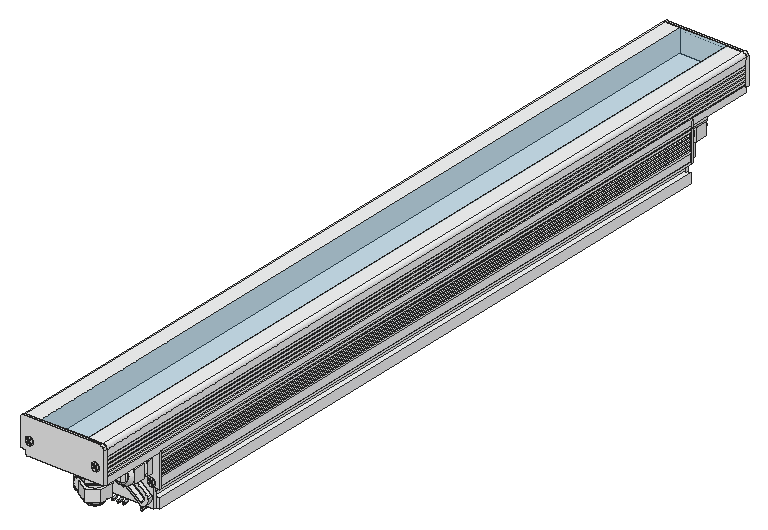
Revit family "ALS600T-AD-4RF", category Lighting Fixtures, Revit 2017 (continued)
Forms (in)
  Revolve 323, solid, material "Fixture Cap" <- "Fixture Cap", not visible
    sketch origin (1.87586, -11.95884, 0) x (0, 1, 0) y (0, 0, 1)
      loop
        arc (-11.98625, 1.39114) -> (-11.93234, 1.3772) -> (-11.87676, 1.37376) r 0.29147
        arc (-11.87676, 1.37376) -> (-11.89505, 1.36674) -> (-11.91028, 1.3544) r 0.06261
        line (-11.91028, 1.3544) -> (-11.91028, 1.32108)
        arc (-11.91028, 1.32108) -> (-11.89505, 1.30875) -> (-11.87676, 1.30173) r 0.06261
        arc (-11.87676, 1.30173) -> (-11.89505, 1.2947) -> (-11.91028, 1.28237) r 0.06261
        line (-11.91028, 1.28237) -> (-11.91028, 1.23982) -> (-11.65625, 1.23982) -> (-11.65625, 1.39114) -> (-11.98625, 1.39114)
      loop
        line (-11.65625, 0.73699) -> (-11.65625, 0.88982) -> (-11.98625, 0.88982) -> (-11.885, 0.78857) -> (-11.885, 0.75664)
        arc (-11.885, 0.75664) -> (-11.87925, 0.74275) -> (-11.86535, 0.73699) r 0.01965
        line (-11.86535, 0.73699) -> (-11.65625, 0.73699)
      axis (-11.65625, 1.57) -> (-11.65625, 0.73699)
    angle from 0 to 360
  Extrusion 324, solid, material "Fixture Cap" <- "Fixture Cap", not visible
    sketch origin (0, -12, 0) x (1, 0, 0) y (0, 0, 1)
      loop
        arc (0.17046, 1.66319) -> (0.05923, 1.65903) -> (0, 1.56477) r 0.11912
        line (0, 1.56477) -> (0, 1.4901)
        arc (0, 1.4901) -> (0.14626, 1.39146) -> (0.24596, 1.53699) r 0.1252
        line (0.24596, 1.53699) -> (1.06129, 1.53699) -> (1.06129, 1.57) -> (0.23171, 1.57)
        arc (0.23171, 1.57) -> (0.1884, 1.58794) -> (0.17046, 1.63125) r 0.06125
        line (0.17046, 1.63125) -> (0.17046, 1.66319)
    from 10.00382 to 10.33452
  Extrusion 325, solid, material "Fixture Cap" <- "Fixture Cap", not visible
    sketch origin (2.26118, -9.19555, -11.12253) x (0.992263, 0, 0.124157) y (0.124157, 0, -0.992263)
      loop
        line (0.35367, -11.80294) -> (0.30685, -11.42158) -> (-0.04682, -11.27146) -> (-0.35367, -11.50269) -> (-0.30685, -11.88404) -> (0.04682, -12.03416) -> (0.35367, -11.80294)
    from -13.48897 to -13.13897
  Extrusion 326, solid, material "Fixture Cap" <- "Fixture Cap", not visible
    sketch origin (2.26118, -23.07434, -11.12253) x (0.992263, 0, 0.124157) y (0.124157, 0, -0.992263)
      loop
        line (0.35367, -11.80294) -> (0.30685, -11.42158) -> (-0.04682, -11.27146) -> (-0.35367, -11.50269) -> (-0.30685, -11.88404) -> (0.04682, -12.03416) -> (0.35367, -11.80294)
    from 0.89114 to 1.03699
  Revolve 327, solid, material "Fixture Cap" <- "Fixture Cap", not visible
    sketch origin (0.81336, -23.57434, -11.21683) x (0, 0, -1) y (0, 1, 0)
      loop
        line (-11.65625, 1.57) -> (-11.96836, 1.57)
        arc (-11.96836, 1.57) -> (-11.9653, 1.55134) -> (-11.95297, 1.53699) r 0.03501
        line (-11.95297, 1.53699) -> (-11.65625, 1.53699) -> (-11.65625, 1.57)
      loop
        arc (-11.98625, 1.39114) -> (-11.93234, 1.3772) -> (-11.87676, 1.37376) r 0.29147
        arc (-11.87676, 1.37376) -> (-11.89505, 1.36674) -> (-11.91028, 1.3544) r 0.06261
        line (-11.91028, 1.3544) -> (-11.91028, 1.32108)
        arc (-11.91028, 1.32108) -> (-11.89505, 1.30875) -> (-11.87676, 1.30173) r 0.06261
        arc (-11.87676, 1.30173) -> (-11.89505, 1.2947) -> (-11.91028, 1.28237) r 0.06261
        line (-11.91028, 1.28237) -> (-11.91028, 1.23982) -> (-11.65625, 1.23982) -> (-11.65625, 1.39114) -> (-11.98625, 1.39114)
      loop
        line (-11.65625, 0.73699) -> (-11.65625, 0.88982) -> (-11.98625, 0.88982) -> (-11.885, 0.78857) -> (-11.885, 0.75664)
        arc (-11.885, 0.75664) -> (-11.87925, 0.74275) -> (-11.86535, 0.73699) r 0.01965
        line (-11.86535, 0.73699) -> (-11.65625, 0.73699)
      axis (-11.65625, 1.57) -> (-11.65625, 0.73699)
    angle from 0 to 360
  Extrusion 328, solid, material "Fixture Cap" <- "Fixture Cap", not visible
    sketch origin (1.92414, -9.24352, -10.43795) x (0.992263, 0, 0.124157) y (0.124157, 0, -0.992263)
      loop
        line (0.35367, -11.80294) -> (0.30685, -11.42158) -> (-0.04682, -11.27146) -> (-0.35367, -11.50269) -> (-0.30685, -11.88404) -> (0.04682, -12.03416) -> (0.35367, -11.80294)
    from -13.48897 to -13.13897
  Extrusion 329, solid, material "Fixture Cap" <- "Fixture Cap", not visible
    sketch origin (1.92414, -23.12231, -10.43795) x (0.992263, 0, 0.124157) y (0.124157, 0, -0.992263)
      loop
        line (0.35367, -11.80294) -> (0.30685, -11.42158) -> (-0.04682, -11.27146) -> (-0.35367, -11.50269) -> (-0.30685, -11.88404) -> (0.04682, -12.03416) -> (0.35367, -11.80294)
    from 0.89114 to 1.03699
  Revolve 330, solid, material "Fixture Cap" <- "Fixture Cap", not visible
    sketch origin (0.47632, -23.62231, -10.53224) x (0, 0, -1) y (0, 1, 0)
      loop
        line (-11.65625, 1.57) -> (-11.96836, 1.57)
        arc (-11.96836, 1.57) -> (-11.9653, 1.55134) -> (-11.95297, 1.53699) r 0.03501
        line (-11.95297, 1.53699) -> (-11.65625, 1.53699) -> (-11.65625, 1.57)
      loop
        arc (-11.98625, 1.39114) -> (-11.93234, 1.3772) -> (-11.87676, 1.37376) r 0.29147
        arc (-11.87676, 1.37376) -> (-11.89505, 1.36674) -> (-11.91028, 1.3544) r 0.06261
        line (-11.91028, 1.3544) -> (-11.91028, 1.32108)
        arc (-11.91028, 1.32108) -> (-11.89505, 1.30875) -> (-11.87676, 1.30173) r 0.06261
        arc (-11.87676, 1.30173) -> (-11.89505, 1.2947) -> (-11.91028, 1.28237) r 0.06261
        line (-11.91028, 1.28237) -> (-11.91028, 1.23982) -> (-11.65625, 1.23982) -> (-11.65625, 1.39114) -> (-11.98625, 1.39114)
      loop
        line (-11.65625, 0.73699) -> (-11.65625, 0.88982) -> (-11.98625, 0.88982) -> (-11.885, 0.78857) -> (-11.885, 0.75664)
        arc (-11.885, 0.75664) -> (-11.87925, 0.74275) -> (-11.86535, 0.73699) r 0.01965
        line (-11.86535, 0.73699) -> (-11.65625, 0.73699)
      axis (-11.65625, 1.57) -> (-11.65625, 0.73699)
    angle from 0 to 360
  Extrusion 331, solid, material "Fixture Cap" <- "Fixture Cap", not visible
    sketch origin (0, -12, 0) x (1, 0, 0) y (0, 0, 1)
      loop
        arc (1.14151, 1.50452) -> (1.07455, 1.53392) -> (1.00195, 1.52513) r 0.13857
        arc (1.00195, 1.52513) -> (0.90722, 1.45276) -> (0.86206, 1.34243) r 0.22764
        arc (0.86206, 1.34243) -> (0.87048, 1.27794) -> (0.90914, 1.22565) r 0.1297
        line (0.90914, 1.22565) -> (2.17525, 0.20038)
        arc (2.17525, 0.20038) -> (2.20644, 0.18238) -> (2.24166, 0.17494) r 0.11481
        line (2.24166, 0.17494) -> (2.27594, 0.13261) -> (2.27703, 0.17865)
        arc (2.27703, 0.17865) -> (2.40611, 0.26958) -> (2.44515, 0.42256) r 0.22797
        arc (2.44515, 0.42256) -> (2.4371, 0.44854) -> (2.41972, 0.46945) r 0.06962
        line (2.41972, 0.46945) -> (1.14151, 1.50452)
      loop
        arc (2.21627, 0.28297) -> (2.24785, 0.26992) -> (2.28144, 0.27623) r 0.06
        arc (2.28144, 0.27623) -> (2.32403, 0.3102) -> (2.35016, 0.35801) r 0.13797
        arc (2.35016, 0.35801) -> (2.35029, 0.39565) -> (2.32927, 0.42689) r 0.06414
        line (2.32927, 0.42689) -> (1.09286, 1.42811)
        arc (1.09286, 1.42811) -> (1.05744, 1.44233) -> (1.02015, 1.43415) r 0.0648
        arc (1.02015, 1.43415) -> (0.97773, 1.39679) -> (0.95389, 1.34553) r 0.13764
        arc (0.95389, 1.34553) -> (0.95547, 1.31485) -> (0.97308, 1.28968) r 0.05565
        line (0.97308, 1.28968) -> (2.21627, 0.28297)
    from 10.20058 to 10.33452
  Extrusion 332, solid, material "Fixture Cap" <- "Fixture Cap", not visible
    sketch origin (3.42414, -9.19503, -10.43795) x (0.992263, 0, 0.124157) y (0.124157, 0, -0.992263)
      loop
        line (0.35367, -11.80294) -> (0.30685, -11.42158) -> (-0.04682, -11.27146) -> (-0.35367, -11.50269) -> (-0.30685, -11.88404) -> (0.04682, -12.03416) -> (0.35367, -11.80294)
    from -13.48897 to -13.13897
  Extrusion 333, solid, material "Fixture Cap" <- "Fixture Cap", not visible
    sketch origin (3.42414, -23.07382, -10.43795) x (0.992263, 0, 0.124157) y (0.124157, 0, -0.992263)
      loop
        line (0.35367, -11.80294) -> (0.30685, -11.42158) -> (-0.04682, -11.27146) -> (-0.35367, -11.50269) -> (-0.30685, -11.88404) -> (0.04682, -12.03416) -> (0.35367, -11.80294)
    from 0.89114 to 1.03699
  Revolve 334, solid, material "Fixture Cap" <- "Fixture Cap", not visible
    sketch origin (1.97632, -23.57382, -10.53224) x (0, 0, -1) y (0, 1, 0)
      loop
        line (-11.65625, 1.57) -> (-11.96836, 1.57)
        arc (-11.96836, 1.57) -> (-11.9653, 1.55134) -> (-11.95297, 1.53699) r 0.03501
        line (-11.95297, 1.53699) -> (-11.65625, 1.53699) -> (-11.65625, 1.57)
      loop
        arc (-11.98625, 1.39114) -> (-11.93234, 1.3772) -> (-11.87676, 1.37376) r 0.29147
        arc (-11.87676, 1.37376) -> (-11.89505, 1.36674) -> (-11.91028, 1.3544) r 0.06261
        line (-11.91028, 1.3544) -> (-11.91028, 1.32108)
        arc (-11.91028, 1.32108) -> (-11.89505, 1.30875) -> (-11.87676, 1.30173) r 0.06261
        arc (-11.87676, 1.30173) -> (-11.89505, 1.2947) -> (-11.91028, 1.28237) r 0.06261
        line (-11.91028, 1.28237) -> (-11.91028, 1.23982) -> (-11.65625, 1.23982) -> (-11.65625, 1.39114) -> (-11.98625, 1.39114)
      loop
        line (-11.65625, 0.73699) -> (-11.65625, 0.88982) -> (-11.98625, 0.88982) -> (-11.885, 0.78857) -> (-11.885, 0.75664)
        arc (-11.885, 0.75664) -> (-11.87925, 0.74275) -> (-11.86535, 0.73699) r 0.01965
        line (-11.86535, 0.73699) -> (-11.65625, 0.73699)
      axis (-11.65625, 1.57) -> (-11.65625, 0.73699)
    angle from 0 to 360
  Revolve 335, solid, material "Fixture Cap" <- "Fixture Cap", not visible
    sketch origin (-0.02137, -11.9963, 1.06933) x (1, 0, 0) y (0, 1, 0)
      loop
        line (1.37586, -10.00382) -> (1.37586, -11.00382)
        arc (1.37586, -11.00382) -> (1.52201, -11.01021) -> (1.66198, -10.96768) r 0.43398
        arc (1.66198, -10.96768) -> (1.66734, -10.9471) -> (1.66198, -10.92653) r 0.04216
        arc (1.66198, -10.92653) -> (1.602, -10.77742) -> (1.58156, -10.61801) r 0.63207
        line (1.58156, -10.61801) -> (1.58156, -10.334) -> (1.47989, -10.334) -> (1.47989, -10.20428)
        arc (1.47989, -10.20428) -> (1.48546, -10.18683) -> (1.4786, -10.16984) r 0.02697
        arc (1.4786, -10.16984) -> (1.48546, -10.15285) -> (1.47989, -10.1354) r 0.02697
        arc (1.47989, -10.1354) -> (1.48548, -10.11895) -> (1.47989, -10.1025) r 0.02697
        arc (1.47989, -10.1025) -> (1.48548, -10.08606) -> (1.47989, -10.06961) r 0.02697
        arc (1.47989, -10.06961) -> (1.48548, -10.05316) -> (1.47989, -10.03672) r 0.02697
        arc (1.47989, -10.03672) -> (1.48548, -10.02027) -> (1.47989, -10.00382) r 0.02697
        line (1.47989, -10.00382) -> (1.37586, -10.00382)
      axis (1.37586, -10.00382) -> (1.37586, -11.00382)
    angle from 0 to 360
  Extrusion 336, solid, material "Fixture Cap" <- "Fixture Cap", not visible
    sketch origin (0, -12, 0) x (1, 0, 0) y (0, 0, 1)
      loop
        line (1.06129, 1.57) -> (1.06129, 1.53503) -> (1.29265, 1.53503) -> (1.29265, 1.57) -> (1.06129, 1.57)
      loop
        line (1.51092, 1.57) -> (1.51092, 1.53699) -> (1.72749, 1.53699) -> (1.72749, 1.57) -> (1.51092, 1.57)
    from 10.00382 to 10.38248
  Extrusion 337, solid, material "Fixture Cap" <- "Fixture Cap", not visible
    sketch origin (0, -11.5625, 0) x (1, 0, 0) y (0, 1, 0)
      loop
        circle (1.17753, -11.25427) r 0.11625
      loop
        line (1.12751, -11.17355) -> (1.10007, -11.1954) -> (1.14693, -11.25427) -> (1.10007, -11.31314) -> (1.12751, -11.33499) -> (1.17753, -11.27216) -> (1.22754, -11.33499) -> (1.25499, -11.31314) -> (1.20813, -11.25427) -> (1.25499, -11.1954) -> (1.22754, -11.17355) -> (1.17753, -11.23638) -> (1.12751, -11.17355)
    from 1.4643 to 1.57
  Extrusion 338, solid, material "Fixture Cap" <- "Fixture Cap", not visible
    sketch origin (1.44491, -25.53482, 13.24212) x (-1, 0, 0) y (0, 0, 1)
      loop
        circle (1.17753, -11.25427) r 0.11625
      loop
        line (1.12751, -11.17355) -> (1.10007, -11.1954) -> (1.14693, -11.25427) -> (1.10007, -11.31314) -> (1.12751, -11.33499) -> (1.17753, -11.27216) -> (1.22754, -11.33499) -> (1.25499, -11.31314) -> (1.20813, -11.25427) -> (1.25499, -11.1954) -> (1.22754, -11.17355) -> (1.17753, -11.23638) -> (1.12751, -11.17355)
    from 1.4542 to 1.5343
  Extrusion 339, solid, material "Fixture Cap" <- "Fixture Cap", not visible
    sketch origin (1.42321, -24.31607, 11.93355) x (-1, 0, 0) y (0, 0, 1)
      loop
        circle (1.17753, -11.25427) r 0.11625
      loop
        line (1.12751, -11.17355) -> (1.10007, -11.1954) -> (1.14693, -11.25427) -> (1.10007, -11.31314) -> (1.12751, -11.33499) -> (1.17753, -11.27216) -> (1.22754, -11.33499) -> (1.25499, -11.31314) -> (1.20813, -11.25427) -> (1.25499, -11.1954) -> (1.22754, -11.17355) -> (1.17753, -11.23638) -> (1.12751, -11.17355)
    from 2.36555 to 2.31225
  Extrusion 340, solid, material "Fixture Cap" <- "Fixture Cap", not visible
    sketch origin (1.06982, -24.31607, 13.24212) x (1, 0, 0) y (0, 0, -1)
      loop
        circle (1.17753, 11.25427) r 0.11625
      loop
        line (1.12751, 11.17355) -> (1.17753, 11.23638) -> (1.22754, 11.17355) -> (1.25499, 11.1954) -> (1.20813, 11.25427) -> (1.25499, 11.31314) -> (1.22754, 11.33499) -> (1.17753, 11.27216) -> (1.12751, 11.33499) -> (1.10007, 11.31314) -> (1.14693, 11.25427) -> (1.10007, 11.1954) -> (1.12751, 11.17355)
    from 0.23545 to 0.31607
  Extrusion 341, solid, material "Fixture Cap" <- "Fixture Cap", not visible
    sketch origin (1.09152, -24.31607, 11.93355) x (1, 0, 0) y (0, 0, -1)
      loop
        circle (1.17753, 11.25427) r 0.11625
      loop
        line (1.12751, 11.17355) -> (1.17753, 11.23638) -> (1.22754, 11.17355) -> (1.25499, 11.1954) -> (1.20813, 11.25427) -> (1.25499, 11.31314) -> (1.22754, 11.33499) -> (1.17753, 11.27216) -> (1.12751, 11.33499) -> (1.10007, 11.31314) -> (1.14693, 11.25427) -> (1.10007, 11.1954) -> (1.12751, 11.17355)
    from 2.31225 to 2.36555
  Extrusion 342, solid, material "Fixture Cap" <- "Fixture Cap", not visible
    sketch origin (0, -12, 0) x (1, 0, 0) y (0, 0, 1)
      loop
        circle (2.25157, 0.08671) r 0.03149
    from 10.20058 to 10.33452
  Extrusion 343, solid, material "Fixture Cap" <- "Fixture Cap", not visible
    sketch origin (-1.03279, -12, 0.48503) x (1, 0, 0) y (0, 0, 1)
      loop
        circle (2.25157, 0.08671) r 0.03149
    from 10.20058 to 10.33452
  Extrusion 344, solid, material "Fixture Cap" <- "Fixture Cap", not visible
    sketch origin (-1.00935, -12, 0.61594) x (1, 0, 0) y (0, 0, 1)
      loop
        circle (2.25157, 0.08671) r 0.03149
    from 10.20058 to 10.38248
  Extrusion 345, solid, material "Fixture Cap" <- "Fixture Cap", not visible
    sketch origin (-0.95447, -12, 0.67082) x (1, 0, 0) y (0, 0, 1)
      loop
        circle (2.25157, 0.08671) r 0.03149
    from 10.20058 to 10.38248
  Extrusion 346, solid, not visible
    sketch origin (-0.55239, -12.00052, -0.03639) x (1, 0, 0) y (0, 0, 1)
      loop
        circle (2.25157, 0.08671) r 0.03149
    from 10.20006 to 10.334
  Extrusion 347, solid, not visible
    sketch origin (-0.70786, -12.00052, -0.03639) x (1, 0, 0) y (0, 0, 1)
      loop
        circle (2.25157, 0.08671) r 0.03149
    from 10.20006 to 10.334
  Extrusion 348, solid, not visible
    sketch origin (-0.88076, -12.00052, -0.02934) x (1, 0, 0) y (0, 0, 1)
      loop
        circle (2.25157, 0.08671) r 0.03149
    from 10.20006 to 10.334
  Extrusion 349, solid, not visible
    sketch origin (-1.02884, -12.00052, -0.0059) x (1, 0, 0) y (0, 0, 1)
      loop
        circle (2.25157, 0.08671) r 0.03149
    from 10.20006 to 10.334
  Extrusion 350, solid, not visible
    sketch origin (-1.13669, -12.00052, 0.04439) x (1, 0, 0) y (0, 0, 1)
      loop
        circle (2.25157, 0.08671) r 0.03149
    from 10.20006 to 10.334
  Extrusion 351, solid, not visible
    sketch origin (-1.22026, -12.00052, 0.1057) x (1, 0, 0) y (0, 0, 1)
      loop
        circle (2.25157, 0.08671) r 0.03149
    from 10.20006 to 10.334
  Extrusion 352, solid, not visible
    sketch origin (-1.28305, -12.00052, 0.19193) x (1, 0, 0) y (0, 0, 1)
      loop
        circle (2.25157, 0.08671) r 0.03149
    from 10.20006 to 10.334
  Extrusion 353, solid, not visible
    sketch origin (-1.35443, -12.00052, 0.2662) x (1, 0, 0) y (0, 0, 1)
      loop
        circle (2.25157, 0.08671) r 0.03149
    from 10.20006 to 10.334
  Extrusion 354, solid, material "Glass"
    sketch origin (0, 0, 0) x (1, 0, 0) y (0, 0, 1)
      loop
        line (0.54206, 2.63) -> (0.54206, 2.55633) -> (1.98049, 2.55633) -> (1.98049, 2.63) -> (0.54206, 2.63)
    from -12 to 12
  Extrusion 355, solid, material "Fixture Cap" <- "Fixture Cap"
    sketch origin (2.52, 0, 0) x (-1, 0, 0) y (0, 0, -1)
      loop
        line (1.06129, -1.57) -> (1.29265, -1.57) -> (1.29265, -1.53503) -> (1.06129, -1.53503) -> (1.06129, -1.57)
      loop
        line (1.51092, -1.57) -> (1.72749, -1.57) -> (1.72749, -1.53699) -> (1.51092, -1.53699) -> (1.51092, -1.57)
    from 10.00382 to 12
  Extrusion 356, solid, material "Fixture Cap" <- "Fixture Cap", not visible
    sketch origin (2.52, -12, 0) x (-1, 0, 0) y (0, 0, -1)
      loop
        line (1.06129, -1.57) -> (1.29265, -1.57) -> (1.29265, -1.53503) -> (1.06129, -1.53503) -> (1.06129, -1.57)
      loop
        line (1.51092, -1.57) -> (1.72749, -1.57) -> (1.72749, -1.53699) -> (1.51092, -1.53699) -> (1.51092, -1.57)
    from 10.00382 to 12
Dimensions and locks (in)
  equal spacing: plane 5, plane 1 "Light Source Axis (F/B)", plane 6
  "Length": plane 5 to plane 6
  locked: plane 6 to plane 8 at 0.08063
  locked: plane 7 to plane 5 at 0.08062
  locked: plane 10 to plane 6 at 1.99618
  locked: plane 5 to plane 9 at 1.99618
  Extrusion 1 to Extrusion 3 = 2.63"
  Extrusion 1 to Extrusion 3 = 1.57"
  Extrusion 1 to Extrusion 1 = 2.52"
  aligned and locked: level to plane 2
  aligned and locked: plane 5 to Extrusion 2
  aligned and locked: Extrusion 2 to plane 6
  aligned and locked: Extrusion 3 to Extrusion 4
  aligned and locked: plane 10 to Extrusion 3
  aligned and locked: Extrusion 5 to Extrusion 6  (x2)
  aligned and locked: Extrusion 6 to plane 6
  aligned and locked: Extrusion 6 to Revolve 7
  aligned and locked: Extrusion 2 to Revolve 7  (x2)
  aligned and locked: Revolve 7 to Extrusion 6
  aligned and locked: Extrusion 5 to plane 6
  aligned and locked: Revolve 7 to Extrusion 5
  aligned and locked: Extrusion 5 to Revolve 7
  aligned and locked: plane 6 to Extrusion 6
  aligned and locked: Extrusion 11 to plane 10
  aligned and locked: Extrusion 12 to Extrusion 13  (x2)
  aligned and locked: Extrusion 13 to Revolve 14
  aligned and locked: Revolve 14 to Extrusion 13
  aligned and locked: Revolve 14 to Extrusion 12
  aligned and locked: Extrusion 12 to Revolve 14
  aligned and locked: Extrusion 15 to Extrusion 16  (x2)
  aligned and locked: Extrusion 16 to Revolve 17
  aligned and locked: Revolve 17 to Extrusion 16
  aligned and locked: Revolve 17 to Extrusion 15  (x2)
  aligned and locked: Extrusion 15 to Revolve 17
  aligned and locked: Extrusion 18 to Extrusion 12
  aligned and locked: Extrusion 19 to Extrusion 20  (x2)
  aligned and locked: Extrusion 20 to Revolve 21
  aligned and locked: Revolve 21 to Extrusion 20
  aligned and locked: Revolve 21 to Extrusion 19
  aligned and locked: Extrusion 19 to Revolve 21
  aligned and locked: Extrusion 18 to Revolve 14
  aligned and locked: Extrusion 23 to Extrusion 3
  aligned and locked: Extrusion 24 to Extrusion 4
  aligned and locked: Extrusion 1 to Extrusion 2
  aligned and locked: Extrusion 1 to Extrusion 25
  aligned and locked: Extrusion 1 to Extrusion 27
  aligned and locked: Extrusion 27 to Extrusion 2
  aligned and locked: Extrusion 26 to Extrusion 3
  aligned and locked: Extrusion 26 to Extrusion 4
  aligned and locked: Extrusion 3 to Extrusion 28  (x2)
  aligned and locked: Extrusion 29 to Extrusion 12
  aligned and locked: Revolve 14 to Extrusion 29
  aligned and locked: Extrusion 132 to Extrusion 133  (x2)
  aligned and locked: Revolve 134 to Extrusion 133
  aligned and locked: Extrusion 133 to Revolve 134
  aligned and locked: Extrusion 132 to Revolve 134
  aligned and locked: Revolve 134 to Extrusion 132
  aligned and locked: Extrusion 135 to Extrusion 136  (x2)
  aligned and locked: Revolve 137 to Extrusion 136
  aligned and locked: Extrusion 136 to Revolve 137
  aligned and locked: Extrusion 135 to Revolve 137
  aligned and locked: Revolve 137 to Extrusion 135
  aligned and locked: Extrusion 132 to Extrusion 138
  aligned and locked: Extrusion 139 to Extrusion 140  (x2)
  aligned and locked: Revolve 141 to Extrusion 140
  aligned and locked: Extrusion 140 to Revolve 141
  aligned and locked: Extrusion 139 to Revolve 141
  aligned and locked: Revolve 141 to Extrusion 139
  aligned and locked: Revolve 134 to Extrusion 138
  aligned and locked: Extrusion 130 to Extrusion 143
  aligned and locked: Extrusion 145 to Extrusion 129
  aligned and locked: Extrusion 147 to Extrusion 129
  aligned and locked: Extrusion 130 to Extrusion 146
  aligned and locked: Extrusion 148 to Extrusion 130  (x2)
  aligned and locked: Extrusion 132 to Extrusion 149
  aligned and locked: Revolve 134 to Extrusion 149
  aligned and locked: Extrusion 4 to Extrusion 130
  aligned and locked: plane 9 to Extrusion 130
  aligned and locked: Extrusion 129 to plane 5
  aligned and locked: plane 7 to Extrusion 129
  aligned and locked: plane 6 to Extrusion 1
  aligned and locked: Extrusion 1 to plane 8
  aligned and locked: Extrusion 11 to Extrusion 3
  aligned and locked: Extrusion 18 to Extrusion 32
  aligned and locked: Extrusion 32 to Extrusion 31
  aligned and locked: Extrusion 32 to Extrusion 30
  aligned and locked: Extrusion 314 to Extrusion 313
  aligned and locked: Extrusion 316 to Extrusion 314
  aligned and locked: Extrusion 31 to Extrusion 18
  aligned and locked: Extrusion 18 to Extrusion 313
  aligned and locked: Extrusion 18 to Extrusion 312
  aligned and locked: Extrusion 18 to Revolve 22
  aligned and locked: Extrusion 18 to Extrusion 316
  aligned and locked: Extrusion 18 to Extrusion 317
  aligned and locked: Extrusion 18 to Extrusion 318
  aligned and locked: Revolve 14 to Extrusion 18
  aligned and locked: Extrusion 317 to Extrusion 18
  aligned and locked: Extrusion 18 to Extrusion 315
  aligned and locked: Revolve 22 to Extrusion 18
  aligned and locked: Extrusion 312 to Extrusion 18
  aligned and locked: Extrusion 4 to Extrusion 3
  aligned and locked: Extrusion 15 to Extrusion 23
  aligned and locked: Extrusion 31 to Extrusion 15
  aligned and locked: Extrusion 32 to Extrusion 15
  aligned and locked: Extrusion 30 to Extrusion 12
  aligned and locked: Extrusion 328 to Extrusion 336
  aligned and locked: Extrusion 344 to Extrusion 328
  aligned and locked: Extrusion 345 to Extrusion 328
  aligned and locked: Extrusion 343 to Extrusion 325
  aligned and locked: Extrusion 11 to Extrusion 18
  aligned and locked: Extrusion 324 to Extrusion 331
  aligned and locked: plane 5 to Extrusion 129
  aligned and locked: Extrusion 354 to plane 6
  aligned and locked: Extrusion 24 to Extrusion 2
  aligned and locked: plane 5 to Extrusion 354
Automatic sketch dimensions
  Extrusion 33 sketch curve to Extrusion 33 sketch curve = 0.06125"
  Extrusion 33 sketch curve to Extrusion 33 sketch curve = 2.30043"
  Extrusion 33 sketch curve to Extrusion 33 sketch curve = 0.11242"
  Extrusion 33 sketch curve to Extrusion 33 sketch curve = 0.79419"
  Extrusion 33 sketch curve to Extrusion 33 sketch curve = 0.09742"
  Extrusion 34 sketch curve to Extrusion 34 sketch curve = 0.06125"
  Extrusion 34 sketch curve to Extrusion 34 sketch curve = 2.20"
  Extrusion 34 sketch curve to Extrusion 34 sketch curve = 0.16"  (x2)
  Extrusion 34 sketch curve to Extrusion 34 sketch curve = 1.00309"  (x2)
  Extrusion 34 sketch curve to Extrusion 34 sketch curve = 0.09742"
  Extrusion 38 sketch curve to Extrusion 38 sketch curve = 0.00402"
  Extrusion 38 sketch curve to Extrusion 38 sketch curve = 0.05168"
  Extrusion 38 sketch curve to Extrusion 38 sketch curve = 0.06125"
  Extrusion 38 sketch curve to Extrusion 38 sketch curve = 0.01424"
  Extrusion 38 sketch curve to Extrusion 38 sketch curve = 0.81533"
  Extrusion 38 sketch curve to Extrusion 38 sketch curve = 0.02434"
  Extrusion 38 sketch curve to Extrusion 38 sketch curve = 0.04143"
  Extrusion 38 sketch curve to Extrusion 38 sketch curve = 0.07468"
  Extrusion 38 sketch curve to Extrusion 38 sketch curve = 0.03301"
  Extrusion 45 sketch curve to Extrusion 45 sketch curve = 0.00"  (x11)
  Extrusion 45 sketch curve to Extrusion 45 sketch curve = 0.06393"
  Extrusion 45 sketch curve to Extrusion 45 sketch curve = 0.01769"
  Extrusion 45 sketch curve to Extrusion 45 sketch curve = 0.01733"
  Extrusion 45 sketch curve to Extrusion 45 sketch curve = 0.04398"
  Extrusion 45 sketch curve to Extrusion 45 sketch curve = 0.00223"
  Extrusion 45 sketch curve to Extrusion 45 sketch curve = 0.03588"
  Extrusion 45 sketch curve to Extrusion 45 sketch curve = 0.03855"
  Extrusion 45 sketch curve to Extrusion 45 sketch curve = 0.04865"
  Extrusion 45 sketch curve to Extrusion 45 sketch curve = 1.08729"
  Extrusion 45 sketch curve to Extrusion 45 sketch curve = 0.04102"
  Extrusion 45 sketch curve to Extrusion 45 sketch curve = 0.00213"
  Extrusion 45 sketch curve to Extrusion 45 sketch curve = 0.06641"
  Extrusion 45 sketch curve to Extrusion 45 sketch curve = 0.03124"
  Extrusion 45 sketch curve to Extrusion 45 sketch curve = 0.00652"
  Extrusion 45 sketch curve to Extrusion 45 sketch curve = 0.03427"
  Extrusion 45 sketch curve to Extrusion 45 sketch curve = 0.03537"
  Extrusion 45 sketch curve to Extrusion 45 sketch curve = 0.03488"
  Extrusion 45 sketch curve to Extrusion 45 sketch curve = 0.04036"
  Extrusion 45 sketch curve to Extrusion 45 sketch curve = 0.04663"
  Extrusion 45 sketch curve to Extrusion 45 sketch curve = 0.04381"
  Extrusion 45 sketch curve to Extrusion 45 sketch curve = 0.03999"
  Extrusion 45 sketch curve to Extrusion 45 sketch curve = 0.04745"
  Extrusion 45 sketch curve to Extrusion 45 sketch curve = 0.02191"
  Extrusion 45 sketch curve to Extrusion 45 sketch curve = 0.01153"
  Extrusion 45 sketch curve to Extrusion 45 sketch curve = 0.06404"
  Extrusion 45 sketch curve to Extrusion 45 sketch curve = 0.02468"
  Extrusion 45 sketch curve to Extrusion 45 sketch curve = 0.03676"
  Extrusion 45 sketch curve to Extrusion 45 sketch curve = 0.00649"
  Extrusion 45 sketch curve to Extrusion 45 sketch curve = 0.04482"
  Extrusion 45 sketch curve to Extrusion 45 sketch curve = 0.01908"
  Extrusion 45 sketch curve to Extrusion 45 sketch curve = 0.03128"
  Extrusion 45 sketch curve to Extrusion 45 sketch curve = 0.07641"
  Revolve 49 sketch curve to Revolve 49 sketch curve = 0.08265"
  Revolve 49 sketch curve to Revolve 49 sketch curve = 0.00"  (x8)
  Revolve 49 sketch curve to Revolve 49 sketch curve = 0.00912"
  Revolve 49 sketch curve to Revolve 49 sketch curve = 0.02138"  (x5)
  Revolve 49 sketch curve to Revolve 49 sketch curve = 0.10168"
  Revolve 49 sketch curve to Revolve 49 sketch curve = 0.24933"
  Revolve 49 sketch curve to Revolve 49 sketch curve = 0.63207"
  Revolve 49 sketch curve to Revolve 49 sketch curve = 0.03289"  (x4)
  Revolve 49 sketch curve to Revolve 49 sketch curve = 0.03599"
  Revolve 49 sketch curve to Revolve 49 sketch curve = 0.01645"  (x2)
  Revolve 49 sketch curve to Revolve 49 sketch curve = 0.12972"
  Revolve 49 sketch curve to Revolve 49 sketch curve = 0.24566"
  Revolve 49 sketch curve to Revolve 49 sketch curve = 0.3291"
  Revolve 49 sketch curve to Revolve 49 sketch curve = 0.05672"
  Revolve 49 sketch curve to Revolve 49 sketch curve = 0.0201"
  Revolve 49 sketch curve to Revolve 49 sketch curve = 0.38174"
  Extrusion 50 sketch curve to Extrusion 50 sketch curve = 0.23137"
  Extrusion 50 sketch curve to Extrusion 50 sketch curve = 0.21826"
  Extrusion 50 sketch curve to Extrusion 50 sketch curve = 0.21658"
  Extrusion 50 sketch curve to Extrusion 50 sketch curve = 0.00196"
  Extrusion 50 sketch curve to Extrusion 50 sketch curve = 0.03301"
  Extrusion 50 sketch curve to Extrusion 50 sketch curve = 0.03497"
  Extrusion 51 sketch curve to Extrusion 51 sketch curve = 0.00"  (x4)
  Extrusion 51 sketch curve to Extrusion 51 sketch curve = 0.02745"  (x4)
  Extrusion 51 sketch curve to Extrusion 51 sketch curve = 0.04686"
  Extrusion 51 sketch curve to Extrusion 51 sketch curve = 0.0306"  (x2)
  Extrusion 51 sketch curve to Extrusion 51 sketch curve = 0.05001"  (x2)
  Extrusion 51 sketch curve to Extrusion 51 sketch curve = 0.02185"
  Extrusion 51 sketch curve to Extrusion 51 sketch curve = 0.01789"  (x2)
  Extrusion 52 sketch curve to Extrusion 52 sketch curve = 0.00"  (x4)
  Extrusion 52 sketch curve to Extrusion 52 sketch curve = 0.02745"  (x4)
  Extrusion 52 sketch curve to Extrusion 52 sketch curve = 0.04686"
  Extrusion 52 sketch curve to Extrusion 52 sketch curve = 0.0306"  (x2)
  Extrusion 52 sketch curve to Extrusion 52 sketch curve = 0.05001"  (x2)
  Extrusion 52 sketch curve to Extrusion 52 sketch curve = 0.02185"
  Extrusion 52 sketch curve to Extrusion 52 sketch curve = 0.01789"  (x2)
  Extrusion 53 sketch curve to Extrusion 53 sketch curve = 0.00"  (x4)
  Extrusion 53 sketch curve to Extrusion 53 sketch curve = 0.02745"  (x4)
  Extrusion 53 sketch curve to Extrusion 53 sketch curve = 0.04686"
  Extrusion 53 sketch curve to Extrusion 53 sketch curve = 0.0306"  (x2)
  Extrusion 53 sketch curve to Extrusion 53 sketch curve = 0.05001"  (x2)
  Extrusion 53 sketch curve to Extrusion 53 sketch curve = 0.02185"
  Extrusion 53 sketch curve to Extrusion 53 sketch curve = 0.01789"  (x2)
  Extrusion 54 sketch curve to Extrusion 54 sketch curve = 0.00"  (x4)
  Extrusion 54 sketch curve to Extrusion 54 sketch curve = 0.02745"  (x4)
  Extrusion 54 sketch curve to Extrusion 54 sketch curve = 0.04686"
  Extrusion 54 sketch curve to Extrusion 54 sketch curve = 0.0306"  (x2)
  Extrusion 54 sketch curve to Extrusion 54 sketch curve = 0.05001"  (x2)
  Extrusion 54 sketch curve to Extrusion 54 sketch curve = 0.04098"
  Extrusion 54 sketch curve to Extrusion 54 sketch curve = 0.01789"  (x2)
  Extrusion 55 sketch curve to Extrusion 55 sketch curve = 0.00"  (x4)
  Extrusion 55 sketch curve to Extrusion 55 sketch curve = 0.02745"  (x4)
  Extrusion 55 sketch curve to Extrusion 55 sketch curve = 0.0306"  (x2)
  Extrusion 55 sketch curve to Extrusion 55 sketch curve = 0.05001"  (x2)
  Extrusion 55 sketch curve to Extrusion 55 sketch curve = 0.01789"  (x2)
  Extrusion 33 sketch curve to Extrusion 33 sketch curve = 0.10715"
  Extrusion 33 sketch curve to Extrusion 33 sketch curve = 0.17046"
  Extrusion 34 sketch curve to Extrusion 34 sketch curve = 0.17046"
  Extrusion 34 sketch curve to Extrusion 34 sketch curve = 0.56691"
  Extrusion 38 sketch curve to Extrusion 38 sketch curve = 0.11879"
  Extrusion 45 sketch curve to Extrusion 45 sketch curve = 0.04233"
  Extrusion 45 sketch curve to Extrusion 45 sketch curve = 0.00371"
  Extrusion 45 sketch curve to Extrusion 45 sketch curve = 0.02544"
  Extrusion 45 sketch curve to Extrusion 45 sketch curve = 0.00663"
  Extrusion 45 sketch curve to Extrusion 45 sketch curve = 0.05734"
  Extrusion 45 sketch curve to Extrusion 45 sketch curve = 0.04689"
  Extrusion 45 sketch curve to Extrusion 45 sketch curve = 0.82669"
  Revolve 49 sketch curve to Revolve 49 sketch curve = 0.03835"
  Extrusion 55 sketch curve to Extrusion 55 sketch curve = 0.04686"
  Extrusion 55 sketch curve to Extrusion 55 sketch curve = 0.02185"
  Extrusion 69 sketch curve to Extrusion 69 sketch curve = 0.06125"
  Extrusion 69 sketch curve to Extrusion 69 sketch curve = 2.30043"
  Extrusion 69 sketch curve to Extrusion 69 sketch curve = 0.11242"
  Extrusion 69 sketch curve to Extrusion 69 sketch curve = 0.79419"
  Extrusion 69 sketch curve to Extrusion 69 sketch curve = 0.09742"
  Extrusion 70 sketch curve to Extrusion 70 sketch curve = 0.06125"
  Extrusion 70 sketch curve to Extrusion 70 sketch curve = 2.20"
  Extrusion 70 sketch curve to Extrusion 70 sketch curve = 0.16"  (x2)
  Extrusion 70 sketch curve to Extrusion 70 sketch curve = 1.00309"  (x2)
  Extrusion 70 sketch curve to Extrusion 70 sketch curve = 0.09742"
  Extrusion 74 sketch curve to Extrusion 74 sketch curve = 0.00402"
  Extrusion 74 sketch curve to Extrusion 74 sketch curve = 0.05168"
  Extrusion 74 sketch curve to Extrusion 74 sketch curve = 0.06125"
  Extrusion 74 sketch curve to Extrusion 74 sketch curve = 0.01424"
  Extrusion 74 sketch curve to Extrusion 74 sketch curve = 0.81533"
  Extrusion 74 sketch curve to Extrusion 74 sketch curve = 0.02434"
  Extrusion 74 sketch curve to Extrusion 74 sketch curve = 0.04143"
  Extrusion 74 sketch curve to Extrusion 74 sketch curve = 0.07468"
  Extrusion 74 sketch curve to Extrusion 74 sketch curve = 0.03301"
  Extrusion 81 sketch curve to Extrusion 81 sketch curve = 0.00"  (x11)
  Extrusion 81 sketch curve to Extrusion 81 sketch curve = 0.06393"
  Extrusion 81 sketch curve to Extrusion 81 sketch curve = 0.01769"
  Extrusion 81 sketch curve to Extrusion 81 sketch curve = 0.01733"
  Extrusion 81 sketch curve to Extrusion 81 sketch curve = 0.04398"
  Extrusion 81 sketch curve to Extrusion 81 sketch curve = 0.00223"
  Extrusion 81 sketch curve to Extrusion 81 sketch curve = 0.03588"
  Extrusion 81 sketch curve to Extrusion 81 sketch curve = 0.03855"
  Extrusion 81 sketch curve to Extrusion 81 sketch curve = 0.04865"
  Extrusion 81 sketch curve to Extrusion 81 sketch curve = 1.08729"
  Extrusion 81 sketch curve to Extrusion 81 sketch curve = 0.04102"
  Extrusion 81 sketch curve to Extrusion 81 sketch curve = 0.00213"
  Extrusion 81 sketch curve to Extrusion 81 sketch curve = 0.06641"
  Extrusion 81 sketch curve to Extrusion 81 sketch curve = 0.03124"
  Extrusion 81 sketch curve to Extrusion 81 sketch curve = 0.00652"
  Extrusion 81 sketch curve to Extrusion 81 sketch curve = 0.03427"
  Extrusion 81 sketch curve to Extrusion 81 sketch curve = 0.03537"
  Extrusion 81 sketch curve to Extrusion 81 sketch curve = 0.03488"
  Extrusion 81 sketch curve to Extrusion 81 sketch curve = 0.04036"
  Extrusion 81 sketch curve to Extrusion 81 sketch curve = 0.04663"
  Extrusion 81 sketch curve to Extrusion 81 sketch curve = 0.04381"
  Extrusion 81 sketch curve to Extrusion 81 sketch curve = 0.03999"
  Extrusion 81 sketch curve to Extrusion 81 sketch curve = 0.04745"
  Extrusion 81 sketch curve to Extrusion 81 sketch curve = 0.02191"
  Extrusion 81 sketch curve to Extrusion 81 sketch curve = 0.01153"
  Extrusion 81 sketch curve to Extrusion 81 sketch curve = 0.06404"
  Extrusion 81 sketch curve to Extrusion 81 sketch curve = 0.02468"
  Extrusion 81 sketch curve to Extrusion 81 sketch curve = 0.03676"
  Extrusion 81 sketch curve to Extrusion 81 sketch curve = 0.00649"
  Extrusion 81 sketch curve to Extrusion 81 sketch curve = 0.04482"
  Extrusion 81 sketch curve to Extrusion 81 sketch curve = 0.01908"
  Extrusion 81 sketch curve to Extrusion 81 sketch curve = 0.03128"
  Extrusion 81 sketch curve to Extrusion 81 sketch curve = 0.07641"
  Revolve 85 sketch curve to Revolve 85 sketch curve = 0.08265"
  Revolve 85 sketch curve to Revolve 85 sketch curve = 0.00"  (x8)
  Revolve 85 sketch curve to Revolve 85 sketch curve = 0.00912"
  Revolve 85 sketch curve to Revolve 85 sketch curve = 0.02138"  (x5)
  Revolve 85 sketch curve to Revolve 85 sketch curve = 0.10168"
  Revolve 85 sketch curve to Revolve 85 sketch curve = 0.24933"
  Revolve 85 sketch curve to Revolve 85 sketch curve = 0.63207"
  Revolve 85 sketch curve to Revolve 85 sketch curve = 0.03289"  (x4)
  Revolve 85 sketch curve to Revolve 85 sketch curve = 0.03599"
  Revolve 85 sketch curve to Revolve 85 sketch curve = 0.01645"  (x2)
  Revolve 85 sketch curve to Revolve 85 sketch curve = 0.12972"
  Revolve 85 sketch curve to Revolve 85 sketch curve = 0.24566"
  Revolve 85 sketch curve to Revolve 85 sketch curve = 0.3291"
  Revolve 85 sketch curve to Revolve 85 sketch curve = 0.05672"
  Revolve 85 sketch curve to Revolve 85 sketch curve = 0.0201"
  Revolve 85 sketch curve to Revolve 85 sketch curve = 0.38174"
  Extrusion 86 sketch curve to Extrusion 86 sketch curve = 0.23137"
  Extrusion 86 sketch curve to Extrusion 86 sketch curve = 0.21826"
  Extrusion 86 sketch curve to Extrusion 86 sketch curve = 0.21658"
  Extrusion 86 sketch curve to Extrusion 86 sketch curve = 0.00196"
  Extrusion 86 sketch curve to Extrusion 86 sketch curve = 0.03301"
  Extrusion 86 sketch curve to Extrusion 86 sketch curve = 0.03497"
  Extrusion 87 sketch curve to Extrusion 87 sketch curve = 0.00"  (x4)
  Extrusion 87 sketch curve to Extrusion 87 sketch curve = 0.02745"  (x4)
  Extrusion 87 sketch curve to Extrusion 87 sketch curve = 0.04686"
  Extrusion 87 sketch curve to Extrusion 87 sketch curve = 0.0306"  (x2)
  Extrusion 87 sketch curve to Extrusion 87 sketch curve = 0.05001"  (x2)
  Extrusion 87 sketch curve to Extrusion 87 sketch curve = 0.02185"
  Extrusion 87 sketch curve to Extrusion 87 sketch curve = 0.01789"  (x2)
  Extrusion 88 sketch curve to Extrusion 88 sketch curve = 0.00"  (x4)
  Extrusion 88 sketch curve to Extrusion 88 sketch curve = 0.02745"  (x4)
  Extrusion 88 sketch curve to Extrusion 88 sketch curve = 0.04686"
  Extrusion 88 sketch curve to Extrusion 88 sketch curve = 0.0306"  (x2)
  Extrusion 88 sketch curve to Extrusion 88 sketch curve = 0.05001"  (x2)
  Extrusion 88 sketch curve to Extrusion 88 sketch curve = 0.02185"
  Extrusion 88 sketch curve to Extrusion 88 sketch curve = 0.01789"  (x2)
  Extrusion 89 sketch curve to Extrusion 89 sketch curve = 0.00"  (x4)
  Extrusion 89 sketch curve to Extrusion 89 sketch curve = 0.02745"  (x4)
  Extrusion 89 sketch curve to Extrusion 89 sketch curve = 0.04686"
  Extrusion 89 sketch curve to Extrusion 89 sketch curve = 0.0306"  (x2)
  Extrusion 89 sketch curve to Extrusion 89 sketch curve = 0.05001"  (x2)
  Extrusion 89 sketch curve to Extrusion 89 sketch curve = 0.02185"
  Extrusion 89 sketch curve to Extrusion 89 sketch curve = 0.01789"  (x2)
  Extrusion 90 sketch curve to Extrusion 90 sketch curve = 0.00"  (x4)
  Extrusion 90 sketch curve to Extrusion 90 sketch curve = 0.02745"  (x4)
  Extrusion 90 sketch curve to Extrusion 90 sketch curve = 0.04686"
  Extrusion 90 sketch curve to Extrusion 90 sketch curve = 0.0306"  (x2)
  Extrusion 90 sketch curve to Extrusion 90 sketch curve = 0.05001"  (x2)
  Extrusion 90 sketch curve to Extrusion 90 sketch curve = 0.04098"
  Extrusion 90 sketch curve to Extrusion 90 sketch curve = 0.01789"  (x2)
  Extrusion 91 sketch curve to Extrusion 91 sketch curve = 0.00"  (x4)
  Extrusion 91 sketch curve to Extrusion 91 sketch curve = 0.02745"  (x4)
  Extrusion 91 sketch curve to Extrusion 91 sketch curve = 0.0306"  (x2)
  Extrusion 91 sketch curve to Extrusion 91 sketch curve = 0.05001"  (x2)
  Extrusion 91 sketch curve to Extrusion 91 sketch curve = 0.01789"  (x2)
  Extrusion 69 sketch curve to Extrusion 69 sketch curve = 0.10715"
  Extrusion 69 sketch curve to Extrusion 69 sketch curve = 0.17046"
  Extrusion 70 sketch curve to Extrusion 70 sketch curve = 0.17046"
  Extrusion 70 sketch curve to Extrusion 70 sketch curve = 0.56691"
  Extrusion 74 sketch curve to Extrusion 74 sketch curve = 0.11879"
  Extrusion 81 sketch curve to Extrusion 81 sketch curve = 0.04233"
  Extrusion 81 sketch curve to Extrusion 81 sketch curve = 0.00371"
  Extrusion 81 sketch curve to Extrusion 81 sketch curve = 0.02544"
  Extrusion 81 sketch curve to Extrusion 81 sketch curve = 0.00663"
  Extrusion 81 sketch curve to Extrusion 81 sketch curve = 0.05734"
  Extrusion 81 sketch curve to Extrusion 81 sketch curve = 0.04689"
  Extrusion 81 sketch curve to Extrusion 81 sketch curve = 0.82669"
  Revolve 85 sketch curve to Revolve 85 sketch curve = 0.03835"
  Extrusion 91 sketch curve to Extrusion 91 sketch curve = 0.04686"
  Extrusion 91 sketch curve to Extrusion 91 sketch curve = 0.02185"
  plane 11 to Revolve 85 sketch curve = 2.0768"
  plane 11 to Extrusion 87 sketch curve = 1.20498"
  Extrusion 105 sketch curve to Extrusion 105 sketch curve = 0.06125"
  Extrusion 105 sketch curve to Extrusion 105 sketch curve = 2.30043"
  Extrusion 105 sketch curve to Extrusion 105 sketch curve = 0.11242"
  Extrusion 105 sketch curve to Extrusion 105 sketch curve = 0.79419"
  Extrusion 105 sketch curve to Extrusion 105 sketch curve = 0.09742"
  Extrusion 106 sketch curve to Extrusion 106 sketch curve = 0.06125"
  Extrusion 106 sketch curve to Extrusion 106 sketch curve = 2.20"
  Extrusion 106 sketch curve to Extrusion 106 sketch curve = 0.16"  (x2)
  Extrusion 106 sketch curve to Extrusion 106 sketch curve = 1.00309"  (x2)
  Extrusion 106 sketch curve to Extrusion 106 sketch curve = 0.09742"
  Extrusion 107 sketch curve to Extrusion 107 sketch curve = 0.00402"
  Extrusion 107 sketch curve to Extrusion 107 sketch curve = 0.05168"
  Extrusion 107 sketch curve to Extrusion 107 sketch curve = 0.06125"
  Extrusion 107 sketch curve to Extrusion 107 sketch curve = 0.01424"
  Extrusion 107 sketch curve to Extrusion 107 sketch curve = 0.81533"
  Extrusion 107 sketch curve to Extrusion 107 sketch curve = 0.02434"
  Extrusion 107 sketch curve to Extrusion 107 sketch curve = 0.04143"
  Extrusion 107 sketch curve to Extrusion 107 sketch curve = 0.07468"
  Extrusion 107 sketch curve to Extrusion 107 sketch curve = 0.03301"
  Extrusion 108 sketch curve to Extrusion 108 sketch curve = 0.00"  (x11)
  Extrusion 108 sketch curve to Extrusion 108 sketch curve = 0.06393"
  Extrusion 108 sketch curve to Extrusion 108 sketch curve = 0.01769"
  Extrusion 108 sketch curve to Extrusion 108 sketch curve = 0.01733"
  Extrusion 108 sketch curve to Extrusion 108 sketch curve = 0.04398"
  Extrusion 108 sketch curve to Extrusion 108 sketch curve = 0.00223"
  Extrusion 108 sketch curve to Extrusion 108 sketch curve = 0.03588"
  Extrusion 108 sketch curve to Extrusion 108 sketch curve = 0.03855"
  Extrusion 108 sketch curve to Extrusion 108 sketch curve = 0.04865"
  Extrusion 108 sketch curve to Extrusion 108 sketch curve = 1.08729"
  Extrusion 108 sketch curve to Extrusion 108 sketch curve = 0.04102"
  Extrusion 108 sketch curve to Extrusion 108 sketch curve = 0.00213"
  Extrusion 108 sketch curve to Extrusion 108 sketch curve = 0.06641"
  Extrusion 108 sketch curve to Extrusion 108 sketch curve = 0.03124"
  Extrusion 108 sketch curve to Extrusion 108 sketch curve = 0.00652"
  Extrusion 108 sketch curve to Extrusion 108 sketch curve = 0.03427"
  Extrusion 108 sketch curve to Extrusion 108 sketch curve = 0.03537"
  Extrusion 108 sketch curve to Extrusion 108 sketch curve = 0.03488"
  Extrusion 108 sketch curve to Extrusion 108 sketch curve = 0.04036"
  Extrusion 108 sketch curve to Extrusion 108 sketch curve = 0.04663"
  Extrusion 108 sketch curve to Extrusion 108 sketch curve = 0.04381"
  Extrusion 108 sketch curve to Extrusion 108 sketch curve = 0.03999"
  Extrusion 108 sketch curve to Extrusion 108 sketch curve = 0.04745"
  Extrusion 108 sketch curve to Extrusion 108 sketch curve = 0.02191"
  Extrusion 108 sketch curve to Extrusion 108 sketch curve = 0.01153"
  Extrusion 108 sketch curve to Extrusion 108 sketch curve = 0.06404"
  Extrusion 108 sketch curve to Extrusion 108 sketch curve = 0.02468"
  Extrusion 108 sketch curve to Extrusion 108 sketch curve = 0.03676"
  Extrusion 108 sketch curve to Extrusion 108 sketch curve = 0.00649"
  Extrusion 108 sketch curve to Extrusion 108 sketch curve = 0.04482"
  Extrusion 108 sketch curve to Extrusion 108 sketch curve = 0.01908"
  Extrusion 108 sketch curve to Extrusion 108 sketch curve = 0.03128"
  Extrusion 108 sketch curve to Extrusion 108 sketch curve = 0.07641"
  Revolve 109 sketch curve to Revolve 109 sketch curve = 0.08265"
  Revolve 109 sketch curve to Revolve 109 sketch curve = 0.00"  (x8)
  Revolve 109 sketch curve to Revolve 109 sketch curve = 0.00912"
  Revolve 109 sketch curve to Revolve 109 sketch curve = 0.02138"  (x5)
  Revolve 109 sketch curve to Revolve 109 sketch curve = 0.10168"
  Revolve 109 sketch curve to Revolve 109 sketch curve = 0.24933"
  Revolve 109 sketch curve to Revolve 109 sketch curve = 0.63207"
  Revolve 109 sketch curve to Revolve 109 sketch curve = 0.03289"  (x4)
  Revolve 109 sketch curve to Revolve 109 sketch curve = 0.03599"
  Revolve 109 sketch curve to Revolve 109 sketch curve = 0.01645"  (x2)
  Revolve 109 sketch curve to Revolve 109 sketch curve = 0.12972"
  Revolve 109 sketch curve to Revolve 109 sketch curve = 0.24566"
  Revolve 109 sketch curve to Revolve 109 sketch curve = 0.3291"
  Revolve 109 sketch curve to Revolve 109 sketch curve = 0.05672"
  Revolve 109 sketch curve to Revolve 109 sketch curve = 0.0201"
  Revolve 109 sketch curve to Revolve 109 sketch curve = 0.38174"
  Extrusion 110 sketch curve to Extrusion 110 sketch curve = 0.23137"
  Extrusion 110 sketch curve to Extrusion 110 sketch curve = 0.21826"
  Extrusion 110 sketch curve to Extrusion 110 sketch curve = 0.21658"
  Extrusion 110 sketch curve to Extrusion 110 sketch curve = 0.00196"
  Extrusion 110 sketch curve to Extrusion 110 sketch curve = 0.03301"
  Extrusion 110 sketch curve to Extrusion 110 sketch curve = 0.03497"
  Extrusion 111 sketch curve to Extrusion 111 sketch curve = 0.00"  (x4)
  Extrusion 111 sketch curve to Extrusion 111 sketch curve = 0.02745"  (x4)
  Extrusion 111 sketch curve to Extrusion 111 sketch curve = 0.04686"
  Extrusion 111 sketch curve to Extrusion 111 sketch curve = 0.0306"  (x2)
  Extrusion 111 sketch curve to Extrusion 111 sketch curve = 0.05001"  (x2)
  Extrusion 111 sketch curve to Extrusion 111 sketch curve = 0.02185"
  Extrusion 111 sketch curve to Extrusion 111 sketch curve = 0.01789"  (x2)
  Extrusion 112 sketch curve to Extrusion 112 sketch curve = 0.00"  (x4)
  Extrusion 112 sketch curve to Extrusion 112 sketch curve = 0.02745"  (x4)
  Extrusion 112 sketch curve to Extrusion 112 sketch curve = 0.04686"
  Extrusion 112 sketch curve to Extrusion 112 sketch curve = 0.0306"  (x2)
  Extrusion 112 sketch curve to Extrusion 112 sketch curve = 0.05001"  (x2)
  Extrusion 112 sketch curve to Extrusion 112 sketch curve = 0.02185"
  Extrusion 112 sketch curve to Extrusion 112 sketch curve = 0.01789"  (x2)
  Extrusion 113 sketch curve to Extrusion 113 sketch curve = 0.00"  (x4)
  Extrusion 113 sketch curve to Extrusion 113 sketch curve = 0.02745"  (x4)
  Extrusion 113 sketch curve to Extrusion 113 sketch curve = 0.04686"
  Extrusion 113 sketch curve to Extrusion 113 sketch curve = 0.0306"  (x2)
  Extrusion 113 sketch curve to Extrusion 113 sketch curve = 0.05001"  (x2)
  Extrusion 113 sketch curve to Extrusion 113 sketch curve = 0.02185"
  Extrusion 113 sketch curve to Extrusion 113 sketch curve = 0.01789"  (x2)
  Extrusion 114 sketch curve to Extrusion 114 sketch curve = 0.00"  (x4)
  Extrusion 114 sketch curve to Extrusion 114 sketch curve = 0.02745"  (x4)
  Extrusion 114 sketch curve to Extrusion 114 sketch curve = 0.04686"
  Extrusion 114 sketch curve to Extrusion 114 sketch curve = 0.0306"  (x2)
  Extrusion 114 sketch curve to Extrusion 114 sketch curve = 0.05001"  (x2)
  Extrusion 114 sketch curve to Extrusion 114 sketch curve = 0.04098"
  Extrusion 114 sketch curve to Extrusion 114 sketch curve = 0.01789"  (x2)
  Extrusion 115 sketch curve to Extrusion 115 sketch curve = 0.00"  (x4)
  Extrusion 115 sketch curve to Extrusion 115 sketch curve = 0.02745"  (x4)
  Extrusion 115 sketch curve to Extrusion 115 sketch curve = 0.0306"  (x2)
  Extrusion 115 sketch curve to Extrusion 115 sketch curve = 0.05001"  (x2)
  Extrusion 115 sketch curve to Extrusion 115 sketch curve = 0.01789"  (x2)
  Extrusion 105 sketch curve to Extrusion 105 sketch curve = 0.10715"
  Extrusion 105 sketch curve to Extrusion 105 sketch curve = 0.17046"
  Extrusion 106 sketch curve to Extrusion 106 sketch curve = 0.17046"
  Extrusion 106 sketch curve to Extrusion 106 sketch curve = 0.56691"
  Extrusion 107 sketch curve to Extrusion 107 sketch curve = 0.11879"
  Extrusion 108 sketch curve to Extrusion 108 sketch curve = 0.04233"
  Extrusion 108 sketch curve to Extrusion 108 sketch curve = 0.00371"
  Extrusion 108 sketch curve to Extrusion 108 sketch curve = 0.02544"
  Extrusion 108 sketch curve to Extrusion 108 sketch curve = 0.00663"
  Extrusion 108 sketch curve to Extrusion 108 sketch curve = 0.05734"
  Extrusion 108 sketch curve to Extrusion 108 sketch curve = 0.04689"
  Extrusion 108 sketch curve to Extrusion 108 sketch curve = 0.82669"
  Revolve 109 sketch curve to Revolve 109 sketch curve = 0.03835"
  Extrusion 115 sketch curve to Extrusion 115 sketch curve = 0.04686"
  Extrusion 115 sketch curve to Extrusion 115 sketch curve = 0.02185"
  Revolve 109 sketch curve to plane 12 = 2.0768"
  Extrusion 111 sketch curve to plane 12 = 1.20498"
  Extrusion 129 sketch curve to Extrusion 129 sketch curve = 0.06125"
  Extrusion 129 sketch curve to Extrusion 129 sketch curve = 0.06332"
  Extrusion 129 sketch curve to Extrusion 129 sketch curve = 0.10715"
  Extrusion 129 sketch curve to Extrusion 129 sketch curve = 0.79419"
  Extrusion 129 sketch curve to Extrusion 129 sketch curve = 0.09742"
  Extrusion 130 sketch curve to Extrusion 130 sketch curve = 0.06125"
  Extrusion 130 sketch curve to Extrusion 130 sketch curve = 0.07171"
  Extrusion 130 sketch curve to Extrusion 130 sketch curve = 0.17046"
  Extrusion 130 sketch curve to Extrusion 130 sketch curve = 0.09742"
  Extrusion 130 sketch curve to Extrusion 130 sketch curve = 1.00309"  (x2)
  Extrusion 130 sketch curve to Extrusion 130 sketch curve = 0.56691"
  Extrusion 131 sketch curve to Extrusion 131 sketch curve = 0.11879"
  Extrusion 131 sketch curve to Extrusion 131 sketch curve = 0.00402"
  Extrusion 131 sketch curve to Extrusion 131 sketch curve = 0.05168"
  Extrusion 131 sketch curve to Extrusion 131 sketch curve = 0.06125"
  Extrusion 131 sketch curve to Extrusion 131 sketch curve = 0.01424"
  Extrusion 131 sketch curve to Extrusion 131 sketch curve = 0.81533"
  Extrusion 131 sketch curve to Extrusion 131 sketch curve = 0.02434"
  Extrusion 131 sketch curve to Extrusion 131 sketch curve = 0.04143"
  Extrusion 131 sketch curve to Extrusion 131 sketch curve = 0.07468"
  Extrusion 131 sketch curve to Extrusion 131 sketch curve = 0.03301"
  Extrusion 138 sketch curve to Extrusion 138 sketch curve = 0.00"  (x11)
  Extrusion 138 sketch curve to Extrusion 138 sketch curve = 0.06393"
  Extrusion 138 sketch curve to Extrusion 138 sketch curve = 0.01769"
  Extrusion 138 sketch curve to Extrusion 138 sketch curve = 0.01733"
  Extrusion 138 sketch curve to Extrusion 138 sketch curve = 0.04398"
  Extrusion 138 sketch curve to Extrusion 138 sketch curve = 0.00223"
  Extrusion 138 sketch curve to Extrusion 138 sketch curve = 0.03588"
  Extrusion 138 sketch curve to Extrusion 138 sketch curve = 0.03855"
  Extrusion 138 sketch curve to Extrusion 138 sketch curve = 0.04865"
  Extrusion 138 sketch curve to Extrusion 138 sketch curve = 0.04102"
  Extrusion 138 sketch curve to Extrusion 138 sketch curve = 0.00213"
  Extrusion 138 sketch curve to Extrusion 138 sketch curve = 0.06641"
  Extrusion 138 sketch curve to Extrusion 138 sketch curve = 0.03124"
  Extrusion 138 sketch curve to Extrusion 138 sketch curve = 0.00652"
  Extrusion 138 sketch curve to Extrusion 138 sketch curve = 0.03427"
  Extrusion 138 sketch curve to Extrusion 138 sketch curve = 0.03537"
  Extrusion 138 sketch curve to Extrusion 138 sketch curve = 0.03488"
  Extrusion 138 sketch curve to Extrusion 138 sketch curve = 0.04036"
  Extrusion 138 sketch curve to Extrusion 138 sketch curve = 0.04663"
  Extrusion 138 sketch curve to Extrusion 138 sketch curve = 0.04381"
  Extrusion 138 sketch curve to Extrusion 138 sketch curve = 0.04233"
  Extrusion 138 sketch curve to Extrusion 138 sketch curve = 0.00371"
  Extrusion 138 sketch curve to Extrusion 138 sketch curve = 0.02544"
  Extrusion 138 sketch curve to Extrusion 138 sketch curve = 0.00663"
  Extrusion 138 sketch curve to Extrusion 138 sketch curve = 0.03999"
  Extrusion 138 sketch curve to Extrusion 138 sketch curve = 0.04745"
  Extrusion 138 sketch curve to Extrusion 138 sketch curve = 0.02191"
  Extrusion 138 sketch curve to Extrusion 138 sketch curve = 0.03831"
  Extrusion 138 sketch curve to Extrusion 138 sketch curve = 0.01153"
  Extrusion 138 sketch curve to Extrusion 138 sketch curve = 0.04689"
  Extrusion 138 sketch curve to Extrusion 138 sketch curve = 0.82669"
  Extrusion 138 sketch curve to Extrusion 138 sketch curve = 0.06404"
  Extrusion 138 sketch curve to Extrusion 138 sketch curve = 0.02468"
  Extrusion 138 sketch curve to Extrusion 138 sketch curve = 0.03676"
  Extrusion 138 sketch curve to Extrusion 138 sketch curve = 0.00649"
  Extrusion 138 sketch curve to Extrusion 138 sketch curve = 0.04482"
  Extrusion 138 sketch curve to Extrusion 138 sketch curve = 0.01908"
  Extrusion 138 sketch curve to Extrusion 138 sketch curve = 0.03128"
  Extrusion 138 sketch curve to Extrusion 138 sketch curve = 0.07641"
  Revolve 142 sketch curve to Revolve 142 sketch curve = 0.08265"
  Revolve 142 sketch curve to Revolve 142 sketch curve = 0.00"  (x8)
  Revolve 142 sketch curve to Revolve 142 sketch curve = 0.00912"
  Revolve 142 sketch curve to Revolve 142 sketch curve = 0.02138"  (x5)
  Revolve 142 sketch curve to Revolve 142 sketch curve = 0.10168"
  Revolve 142 sketch curve to Revolve 142 sketch curve = 0.24933"
  Revolve 142 sketch curve to Revolve 142 sketch curve = 0.03289"  (x4)
  Revolve 142 sketch curve to Revolve 142 sketch curve = 0.03599"
  Revolve 142 sketch curve to Revolve 142 sketch curve = 0.01645"  (x2)
  Revolve 142 sketch curve to Revolve 142 sketch curve = 0.12972"
  Revolve 142 sketch curve to Revolve 142 sketch curve = 0.24566"
  Revolve 142 sketch curve to Revolve 142 sketch curve = 0.3291"
  Revolve 142 sketch curve to Revolve 142 sketch curve = 0.05672"
  Revolve 142 sketch curve to Revolve 142 sketch curve = 0.0201"
  Revolve 142 sketch curve to Revolve 142 sketch curve = 0.38174"
  Extrusion 143 sketch curve to Extrusion 143 sketch curve = 0.23137"
  Extrusion 143 sketch curve to Extrusion 143 sketch curve = 0.21826"
  Extrusion 143 sketch curve to Extrusion 143 sketch curve = 0.21658"
  Extrusion 143 sketch curve to Extrusion 143 sketch curve = 0.00196"
  Extrusion 143 sketch curve to Extrusion 143 sketch curve = 0.03301"
  Extrusion 143 sketch curve to Extrusion 143 sketch curve = 0.03497"
  Extrusion 144 sketch curve to Extrusion 144 sketch curve = 0.00"  (x4)
  Extrusion 144 sketch curve to Extrusion 144 sketch curve = 0.02745"  (x4)
  Extrusion 144 sketch curve to Extrusion 144 sketch curve = 0.04686"
  Extrusion 144 sketch curve to Extrusion 144 sketch curve = 0.0306"  (x2)
  Extrusion 144 sketch curve to Extrusion 144 sketch curve = 0.05001"  (x2)
  Extrusion 144 sketch curve to Extrusion 144 sketch curve = 0.01789"  (x2)
  Extrusion 145 sketch curve to Extrusion 145 sketch curve = 0.00"  (x4)
  Extrusion 145 sketch curve to Extrusion 145 sketch curve = 0.02745"  (x4)
  Extrusion 145 sketch curve to Extrusion 145 sketch curve = 0.04686"
  Extrusion 145 sketch curve to Extrusion 145 sketch curve = 0.0306"  (x2)
  Extrusion 145 sketch curve to Extrusion 145 sketch curve = 0.05001"  (x2)
  Extrusion 145 sketch curve to Extrusion 145 sketch curve = 0.02185"
  Extrusion 145 sketch curve to Extrusion 145 sketch curve = 0.01789"  (x2)
  Extrusion 146 sketch curve to Extrusion 146 sketch curve = 0.00"  (x4)
  Extrusion 146 sketch curve to Extrusion 146 sketch curve = 0.02745"  (x4)
  Extrusion 146 sketch curve to Extrusion 146 sketch curve = 0.04686"
  Extrusion 146 sketch curve to Extrusion 146 sketch curve = 0.0306"  (x2)
  Extrusion 146 sketch curve to Extrusion 146 sketch curve = 0.05001"  (x2)
  Extrusion 146 sketch curve to Extrusion 146 sketch curve = 0.02185"
  Extrusion 146 sketch curve to Extrusion 146 sketch curve = 0.01789"  (x2)
  Extrusion 147 sketch curve to Extrusion 147 sketch curve = 0.00"  (x4)
  Extrusion 147 sketch curve to Extrusion 147 sketch curve = 0.02745"  (x4)
  Extrusion 147 sketch curve to Extrusion 147 sketch curve = 0.04686"
  Extrusion 147 sketch curve to Extrusion 147 sketch curve = 0.0306"  (x2)
  Extrusion 147 sketch curve to Extrusion 147 sketch curve = 0.05001"  (x2)
  Extrusion 147 sketch curve to Extrusion 147 sketch curve = 0.02185"
  Extrusion 147 sketch curve to Extrusion 147 sketch curve = 0.01789"  (x2)
  Extrusion 148 sketch curve to Extrusion 148 sketch curve = 0.00"  (x4)
  Extrusion 148 sketch curve to Extrusion 148 sketch curve = 0.02745"  (x4)
  Extrusion 148 sketch curve to Extrusion 148 sketch curve = 0.04686"
  Extrusion 148 sketch curve to Extrusion 148 sketch curve = 0.0306"  (x2)
  Extrusion 148 sketch curve to Extrusion 148 sketch curve = 0.05001"  (x2)
  Extrusion 148 sketch curve to Extrusion 148 sketch curve = 0.02185"
  Extrusion 148 sketch curve to Extrusion 148 sketch curve = 0.01789"  (x2)
  Extrusion 129 sketch curve to Extrusion 129 sketch curve = 2.30043"
  Extrusion 129 sketch curve to Extrusion 129 sketch curve = 0.11242"
  Extrusion 130 sketch curve to Extrusion 130 sketch curve = 2.20"
